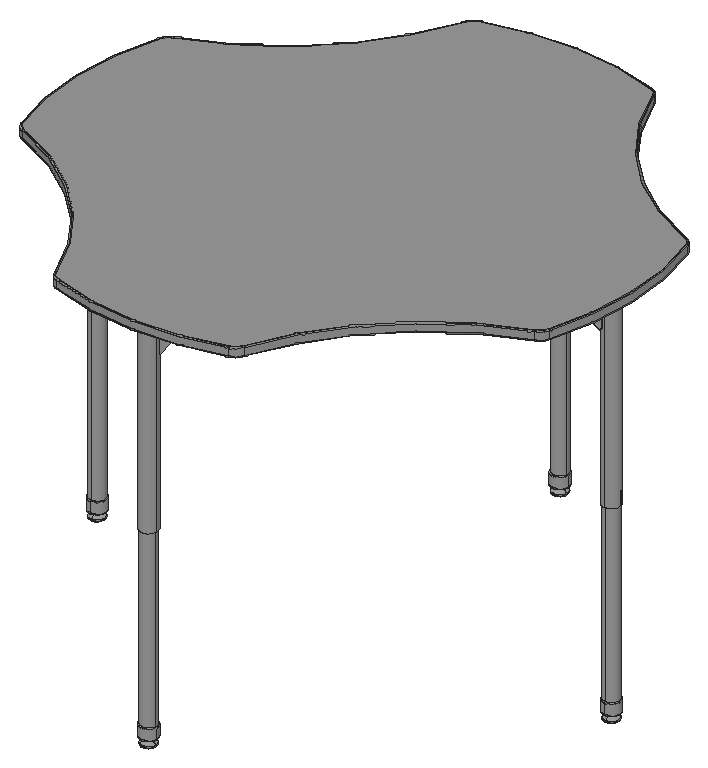
Revit family "Hierarchy Activity 60in Clover Table - Standing Height", category Furniture, Revit 2018
Family settings
  Work Plane-Based = No
  Always vertical = Yes
  Cut with Voids When Loaded = No
  Shared = No
  Room Calculation Point = No
Parameters
  Table Height = 3' - 5"
  Surface = Hierarchy Activity 60" Clover Table Standing Surface
  Leg Finish = Hierarchy Leg Platinum
  Edgeband = Hierarchy Activity 60" Clover Table Standing Edgeband
  Caster/Glide = Hierarchy Standing Leg - Glide : Hierarchy Standing Leg - Glide
Reference planes (in)
  plane 1 "Center (Front/Back)": y = 0
  plane 2: z = 0
  plane 3 "Center (Left/Right)": x = 0
  plane 4: z = 41
Dimensions and locks (in)
  "Table Height": plane 4 to level
  aligned and locked: plane 2 to level
  aligned and locked: nested 1 to plane 4
Nested families (in)
  nested 1: "Activity 60x60 Clover Tabletop" at (-0.44234, -0.13561, 17.075), type "Activity 60x60 Clover Tabletop"
  nested 2: "Hierarchy Standing Leg - Glide" at (0, 27.75, 0), Leg Height <- "Table Height", type <- "Caster/Glide", Leg Finish <- "Leg Finish", type "Hierarchy Standing Leg - Glide"
  nested 3: "Hierarchy Standing Leg - Glide" at (27.75, 0, 0) x (0, -1, 0) z (0, 0, 1), Leg Height <- "Table Height", Leg Finish <- "Leg Finish", type "Hierarchy Standing Leg - Glide"
  nested 4: "Hierarchy Standing Leg - Glide" at (0, -27.75, 0) x (-1, 0, 0) z (0, 0, 1), Leg Height <- "Table Height", Leg Finish <- "Leg Finish", type "Hierarchy Standing Leg - Glide"
  nested 5: "Hierarchy Standing Leg - Glide" at (-27.75, 0, 0) x (0, 1, 0) z (0, 0, 1), Leg Height <- "Table Height", type <- "Caster/Glide", Leg Finish <- "Leg Finish", type "Hierarchy Standing Leg - Glide"
Definition of nested family "Activity 60x60 Clover Tabletop"
  Parameters (values of type "Activity 60x60 Clover Tabletop")
    Surface = none
    Edgeband = none
  Reference planes (in)
    plane 1 "Center (Front/Back)": y = 0
    plane 2: z = 0
    plane 3 "Center (Left/Right)": x = 0
  Forms (in)
    Extrusion 1, solid, material <- "Surface"
      sketch origin (0, 0, 0) x (1, 0, 0) y (0, 1, 0)
        loop
          arc (-9.68805, 27.7213) -> (-16.5452, 17.12316) -> (-27.14335, 10.266) r 30.118
          arc (-27.14335, 10.266) -> (-27.6527, 9.92774) -> (-27.96622, 9.4028) r 1.38188
          arc (-27.96622, 9.4028) -> (-29.43954, 0.13561) -> (-27.96622, -9.13158) r 29.88216
          arc (-27.96622, -9.13158) -> (-27.65269, -9.65652) -> (-27.14334, -9.99478) r 1.38188
          arc (-27.14334, -9.99478) -> (-16.54518, -16.85191) -> (-9.68805, -27.45007) r 30.11769
          arc (-9.68805, -27.45007) -> (-9.34979, -27.95942) -> (-8.82485, -28.27295) r 1.38188
          arc (-8.82485, -28.27295) -> (0.44234, -29.74626) -> (9.70953, -28.27295) r 29.88226
          arc (9.70953, -28.27295) -> (10.23447, -27.95943) -> (10.57273, -27.45008) r 1.38187
          arc (10.57273, -27.45008) -> (17.42987, -16.85192) -> (28.02803, -9.99478) r 30.11779
          arc (28.02803, -9.99478) -> (28.53738, -9.65652) -> (28.85091, -9.13158) r 1.38188
          arc (28.85091, -9.13158) -> (30.32422, 0.13561) -> (28.85091, 9.4028) r 29.88214
          arc (28.85091, 9.4028) -> (28.53738, 9.92774) -> (28.02803, 10.266) r 1.38188
          arc (28.02803, 10.266) -> (17.42987, 17.12314) -> (10.57273, 27.7213) r 30.11785
          arc (10.57273, 27.7213) -> (10.23447, 28.23065) -> (9.70953, 28.54418) r 1.38188
          arc (9.70953, 28.54418) -> (0.44234, 30.01749) -> (-8.82485, 28.54418) r 29.88208
          arc (-8.82485, 28.54418) -> (-9.34979, 28.23065) -> (-9.68805, 27.7213) r 1.38189
      from 23.925 to 24.925
    Sweep 2, solid, material <- "Edgeband"
      path origin (0, 0, 0) x (1, 0, 0) y (0, 1, 0)
        loop
          arc (9.70953, 28.54418) -> (0.44234, 30.01749) -> (-8.82485, 28.54418) r 29.88208
          arc (-8.82485, 28.54418) -> (-9.34979, 28.23065) -> (-9.68805, 27.7213) r 1.38189
          arc (-9.68805, 27.7213) -> (-16.5452, 17.12316) -> (-27.14335, 10.266) r 30.118
          arc (-27.14335, 10.266) -> (-27.6527, 9.92774) -> (-27.96622, 9.4028) r 1.38188
          arc (-27.96622, 9.4028) -> (-29.43954, 0.13561) -> (-27.96622, -9.13158) r 29.88216
          arc (-27.96622, -9.13158) -> (-27.65269, -9.65652) -> (-27.14334, -9.99478) r 1.38188
          arc (-27.14334, -9.99478) -> (-16.54518, -16.85191) -> (-9.68805, -27.45007) r 30.11769
          arc (-9.68805, -27.45007) -> (-9.34979, -27.95942) -> (-8.82485, -28.27295) r 1.38188
          arc (-8.82485, -28.27295) -> (0.44234, -29.74626) -> (9.70953, -28.27295) r 29.88226
          arc (9.70953, -28.27295) -> (10.23447, -27.95943) -> (10.57273, -27.45008) r 1.38187
          arc (10.57273, -27.45008) -> (17.42987, -16.85192) -> (28.02803, -9.99478) r 30.11779
          arc (28.02803, -9.99478) -> (28.53738, -9.65652) -> (28.85091, -9.13158) r 1.38188
          arc (28.85091, -9.13158) -> (30.32422, 0.13561) -> (28.85091, 9.4028) r 29.88214
          arc (28.85091, 9.4028) -> (28.53738, 9.92774) -> (28.02803, 10.266) r 1.38188
          arc (28.02803, 10.266) -> (17.42987, 17.12314) -> (10.57273, 27.7213) r 30.11785
          arc (10.57273, 27.7213) -> (10.23447, 28.23065) -> (9.70953, 28.54418) r 1.38188
      profile origin (0.44234, 30.01749, 0) x (0, -1, 0) y (0, 0, 1)
        loop
          arc (0, 24.92501) -> (-0.08352, 24.89041) -> (-0.11812, 24.80689) r 0.11812
          line (-0.11812, 24.80689) -> (-0.11812, 24.04311)
          arc (-0.11812, 24.04311) -> (-0.08352, 23.95959) -> (0, 23.92499) r 0.11812
          line (0, 23.92499) -> (0, 24.92501)
  Dimensions and locks (in)
    aligned and locked: plane 2 to level
Definition of nested family "Hierarchy Standing Leg - Glide"
  Parameters (values of type "Hierarchy Standing Leg - Glide")
    Leg Finish [instance] = none
    Leg Height [instance] = 3' - 5"
  Reference planes (in)
    plane 1 "Center (Front/Back)": y = 0
    plane 2: z = 0
    plane 3 "Center (Left/Right)": x = 0
  Forms (in)
    Extrusion 1, solid
      sketch origin (-0.01562, 0, 0) x (1, 0, 0) y (0, 1, 0)
        loop
          circle (0.01563, 0) r 0.79147
      from 2 to 23.175
    Revolve 2, solid
      sketch origin (0, 0, 0) x (1, 0, 0) y (0, 0, 1)
        loop
          line (0, 2) -> (0, 0.74937) -> (0.84838, 0.74937)
          arc (0.84838, 0.74937) -> (0.89342, 0.76803) -> (0.91207, 0.81306) r 0.06369
          line (0.91207, 0.81306) -> (0.91207, 1.93631)
          arc (0.91207, 1.93631) -> (0.89342, 1.98134) -> (0.84838, 2) r 0.06369
          line (0.84838, 2) -> (0, 2)
        axis (0, 2) -> (0, 0.74937)
      angle from 0 to 360
    Revolve 3, solid
      sketch origin (0, 0, 0) x (1, 0, 0) y (0, 0, 1)
        loop
          line (0, 0.75) -> (0, 0) -> (0.74583, 0) -> (0.79147, 0.09013) -> (0.79147, 0.16241) -> (0.12474, 0.5) -> (0.12474, 0.75) -> (0, 0.75)
        axis (0, 0.75) -> (0, 0)
      angle from 0 to 360
  Dimensions and locks (in)
    "Leg Height": nested 1 to level
    aligned and locked: plane 2 to level
  Automatic sketch dimensions
    plane 1 "Center (Front/Back)" to Extrusion 1 sketch curve = 0' - 0"
    Extrusion 1 sketch curve to plane 3 "Center (Left/Right)" = 0' - 0"
    Revolve 2 sketch curve to plane 3 "Center (Left/Right)" = 0' - 0"  (x2)
    plane 3 "Center (Left/Right)" to Revolve 2 sketch curve = 0' - 0.84838"
    Revolve 2 sketch curve to Revolve 2 sketch curve = 0' - 0.84838"
    Revolve 2 sketch curve to Revolve 2 sketch curve = 0' - 0.06369"
    level to Revolve 2 sketch curve = 0' - 0.74937"
    Revolve 2 sketch curve to Revolve 2 sketch curve = 0' - 1.12324"
    Revolve 2 sketch curve to Revolve 2 sketch curve = 0' - 0.13731"
    Revolve 2 sketch curve to Revolve 2 sketch curve = 0' - 0 3/4"
    Revolve 3 sketch curve to plane 3 "Center (Left/Right)" = 0' - 0"  (x2)
    Revolve 3 sketch curve to level = 0' - 0"
    plane 3 "Center (Left/Right)" to Revolve 3 sketch curve = 0' - 0.12474"
    plane 3 "Center (Left/Right)" to Revolve 3 sketch curve = 0' - 0.74583"
    Revolve 3 sketch curve to Revolve 3 sketch curve = 0' - 0.04564"
    level to Revolve 3 sketch curve = 0' - 0.09013"
    Revolve 3 sketch curve to Revolve 3 sketch curve = 0' - 0.07228"
    level to Revolve 3 sketch curve = 0' - 0 1/2"
    Revolve 3 sketch curve to Revolve 3 sketch curve = 0' - 0 1/4"
    Revolve 3 sketch curve to level = 0' - 0 1/8"
    Revolve 3 sketch curve to Revolve 3 sketch curve = 0' - 0 1/8"
    radius of Extrusion 1 sketch curve = 0' - 0.79147"
  Nested families (in)
    nested 1: "Hierarchy Standing Upper Leg 2023" at (0, 0, 0.19983), Leg Finish <- "Leg Finish", type "Hierarchy Standing Upper Leg 2023"
      with Leg Finish none
  Definition of nested family "Hierarchy Standing Upper Leg 2023"
    Parameters (values of type "Hierarchy Standing Upper Leg 2023")
      Leg Finish [instance] = none
    Reference planes (in)
      plane 1 "Center (Front/Back)": y = 0
      plane 2: z = 0
      plane 3 "Center (Left/Right)": x = 0
    Forms (in)
      Extrusion 1, solid, material <- "Leg Finish"
        sketch origin (0, 0, 0) x (1, 0, 0) y (0, 1, 0)
          loop
            circle (0, 0) r 0.9129
        from 20.67418 to 40.67418
      Extrusion 2, solid, material <- "Leg Finish"
        sketch origin (0, 0, 12.998) x (1, 0, 0) y (0, 1, 0)
          loop
            line (-1.70174, 0.19183) -> (-3.96611, -4.49738)
            arc (-3.96611, -4.49738) -> (-3.91977, -5.33444) -> (-3.18615, -5.74016) r 0.86614
            line (-3.18615, -5.74016) -> (3.18615, -5.74016)
            arc (3.18615, -5.74016) -> (3.91977, -5.33444) -> (3.96611, -4.49738) r 0.86614
            line (3.96611, -4.49738) -> (1.70174, 0.19183)
            arc (1.70174, 0.19183) -> (0, 1.25984) -> (-1.70174, 0.19183) r 1.88976
        from 27.67618 to 27.80217
      Extrusion 3, solid, material <- "Leg Finish"
        sketch origin (12.41967, 1.58692, 0) x (0.434844, 0.900506, 0) y (0, 0, 1)
          loop
            arc (-12.68776, 40.67418) -> (-12.80559, 40.56418) -> (-12.70394, 40.43908) r 0.11811
            arc (-12.70394, 40.43908) -> (-9.98192, 39.53509) -> (-7.76426, 37.71614) r 7.87402
            arc (-7.76426, 37.71614) -> (-7.63344, 37.68136) -> (-7.55587, 37.79229) r 0.11811
            line (-7.55587, 37.79229) -> (-7.55587, 40.67418) -> (-12.68776, 40.67418)
        from -11.10976 to -10.98378
      Extrusion 4, solid, material <- "Leg Finish"
        sketch origin (-12.41967, 1.58692, 0) x (-0.434844, 0.900506, 0) y (0, 0, -1)
          loop
            line (-12.68776, -40.67418) -> (-7.55587, -40.67418) -> (-7.55587, -37.79229)
            arc (-7.55587, -37.79229) -> (-7.63344, -37.68136) -> (-7.76426, -37.71614) r 0.11811
            arc (-7.76426, -37.71614) -> (-9.98192, -39.53509) -> (-12.70394, -40.43908) r 7.87402
            arc (-12.70394, -40.43908) -> (-12.80559, -40.56418) -> (-12.68776, -40.67418) r 0.11811
        from -11.10976 to -10.98378
    Dimensions and locks (in)
      aligned and locked: plane 2 to level
